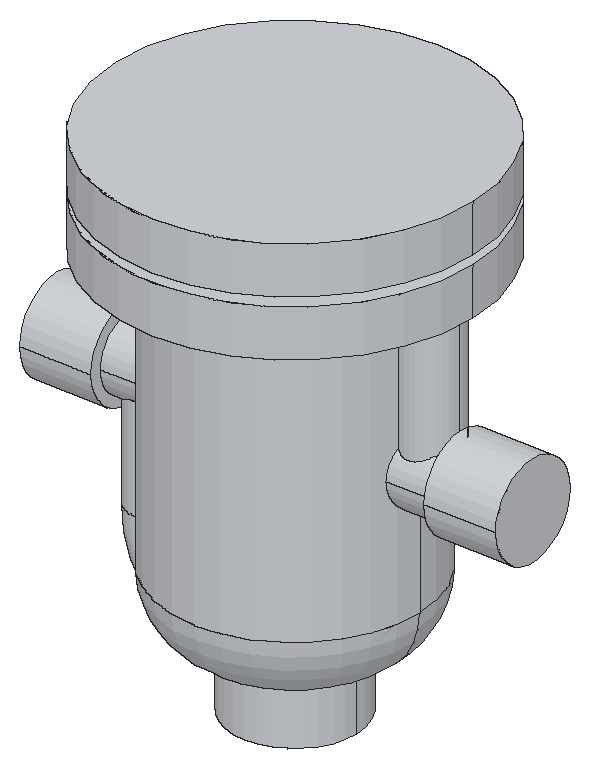
Revit family "9eeb530bc22a476eab69eed14067817e", category Pipe Accessories, Revit 2021
Family settings
  Round Connector Dimension = Use Radius
  Part Type = Valve - Breaks Into
  OmniClass Number = 23.65.55.14
  OmniClass Title = Valves for Liquid Services
  Seek Item ID = Steam Trap - Inverted Bucket-0000-USA-ENU
  Work Plane-Based = No
  Always vertical = Yes
  Cut with Voids When Loaded = No
  Shared = No
Parameters (values of type "1.16 GPM")
  Socket Radius = Socket Diameter / 2  # 0' - 0.4875"
  Socket Diameter = Nominal Diameter * 1.3  # 0' - 0.975"
  Radius 6 = Radius 2 - Radius 1  # 0' - 1.0125"
  Radius 5 = Radius 2 * 1.1  # 0' - 1.44375"
  Radius 4 = Radius 2 - 0' 0 1/4" - Radius 1  # 0' - 0.7625"
  Radius 3 = Bucket Diameter / 4  # 0' - 0 21/32"
  Radius 2 = Bucket Diameter / 2  # 0' - 1 5/16"
  Radius 1 = Nominal Radius * 0.8  # 0' - 0.3"
  Pressure Drop [instance] = 7.252 psi
  Overall Length = 0' - 5"
  Overall Height = 0' - 5 7/16"
  Nominal Radius = 3/8"
  Nominal Diameter = Nominal Radius * 2  # 3/4"
  Length 2 = 0.7071 * Bucket Radius  # 0' - 0.92807"
  Length 1 = Bucket Radius - Radius 4  # 0' - 0.55"
  Inverted Bucket Steam Trap Material = none
  Height 1 = (0' 0 1/4" + Radius 1) * 1.1  # 0' - 0.605"
  Default Elevation = 0' - 0"
  Connector Offset = 0' - 2 3/4"
  Bucket Radius = Bucket Diameter / 2  # 0' - 1 5/16"
  Bucket Diameter = Body Diameter * 0.7  # 0' - 2 5/8"
  Body Radius = Body Diameter / 2  # 0' - 1 7/8"
  Body Diameter = 0' - 3 3/4"
Types (8): name | Socket Radius | Socket Diameter | Radius 6 | Radius 5 | Radius 4 | Radius 3 | Radius 2 | Radius 1 | Overall Length | Overall Height | Nominal Radius | Nominal Diameter | Length 2 | Length 1 | Height 1 | Connector Offset | Bucket Radius | Bucket Diameter | Body Radius | Body Diameter
  (no name) | 0' - 0.4875" | 0' - 0.975" | 0' - 1.0125" | 0' - 1.44375" | 0' - 0.7625" | 0' - 0 21/32" | 0' - 1 5/16" | 0' - 0.3" | 0' - 5" | 0' - 5 7/16" | 3/8" | 3/4" | 0' - 0.92807" | 0' - 0.55" | 0' - 0.605" | 0' - 2 3/4" | 0' - 1 5/16" | 0' - 2 5/8" | 0' - 1 7/8" | 0' - 3 3/4"
  1.16 GPM | 0' - 0.4875" | 0' - 0.975" | 0' - 1.0125" | 0' - 1.44375" | 0' - 0.7625" | 0' - 0 21/32" | 0' - 1 5/16" | 0' - 0.3" | 0' - 5" | 0' - 5 7/16" | 3/8" | 3/4" | 0' - 0.92807" | 0' - 0.55" | 0' - 0.605" | 0' - 2 3/4" | 0' - 1 5/16" | 0' - 2 5/8" | 0' - 1 7/8" | 0' - 3 3/4"
  1.76 GPM | 0' - 0.65" | 0' - 1.3" | 0' - 0.9125" | 0' - 1.44375" | 0' - 0.6625" | 0' - 0 21/32" | 0' - 1 5/16" | 0' - 0.4" | 0' - 5" | 0' - 6 7/8" | 1/2" | 1" | 0' - 0.92807" | 0' - 0.65" | 0' - 0.715" | 0' - 4 1/4" | 0' - 1 5/16" | 0' - 2 5/8" | 0' - 1 7/8" | 0' - 3 3/4"
  3.66 GPM | 0' - 0.4875" | 0' - 0.975" | 0' - 1.66875" | 0' - 2.16563" | 0' - 1.41875" | 0' - 0 63/64" | 0' - 1 31/32" | 0' - 0.3" | 0' - 6 1/2" | 0' - 9 1/16" | 3/8" | 3/4" | 0' - 1.3921" | 0' - 0.55" | 0' - 0.605" | 0' - 5 3/8" | 0' - 1 31/32" | 0' - 3 15/16" | 0' - 2 13/16" | 0' - 5 5/8"
  7.32 GPM | 0' - 0.65" | 0' - 1.3" | 0' - 2.05" | 0' - 2.695" | 0' - 1.8" | 0' - 1.225" | 0' - 2.45" | 0' - 0.4" | 0' - 7 3/4" | 0' - 11 3/4" | 1/2" | 1" | 0' - 1.73239" | 0' - 0.65" | 0' - 0.715" | 0' - 7 1/32" | 0' - 2.45" | 0' - 4.9" | 0' - 3 1/2" | 0' - 7"
  11.64 GPM | 0' - 0 13/16" | 0' - 1 5/8" | 0' - 2.3" | 0' - 3.08" | 0' - 2.05" | 0' - 1.4" | 0' - 2.8" | 0' - 0 1/2" | 0' - 9" | 1' - 1 5/8" | 5/8" | 1 1/4" | 0' - 1.97988" | 0' - 0 3/4" | 0' - 0.825" | 0' - 7 13/16" | 0' - 2.8" | 0' - 5.6" | 0' - 4" | 0' - 8"
  16.63 GPM | 0' - 1.3" | 0' - 2.6" | 0' - 2.35" | 0' - 3.465" | 0' - 2.1" | 0' - 1.575" | 0' - 3.15" | 0' - 0.8" | 0' - 10 1/4" | 1' - 4 1/4" | 1" | 2" | 0' - 2.22736" | 0' - 1.05" | 0' - 1.155" | 0' - 8 1/16" | 0' - 3.15" | 0' - 6.3" | 0' - 4 1/2" | 0' - 9"
  33.26 GPM | 0' - 1 5/8" | 0' - 3 1/4" | 0' - 3.025" | 0' - 4.4275" | 0' - 2.775" | 0' - 2.0125" | 0' - 4.025" | 0' - 1" | 1' - 1" | 1' - 9 5/16" | 1 1/4" | 2 1/2" | 0' - 2.84608" | 0' - 1 1/4" | 0' - 1 3/8" | 0' - 11" | 0' - 4.025" | 0' - 8.05" | 0' - 5 3/4" | 0' - 11 1/2"
Reference planes (in)
  plane 1 "Center (Front/Back)": y = 0
  plane 2: z = 0
  plane 3 "Center (Left/Right)": x = 0
  plane 4: z = -2.75
  plane 5: z = -2.145
  plane 6: z = -1.3825
  plane 7: z = 2.6875
  plane 8: z = 2.1875
  plane 9: z = 2.09375
  plane 10: z = 1.59375
  plane 11: x = -1.3125
  plane 12: x = 1.3125
  plane 13: x = 0.55
  plane 14: z = -1.30625
  plane 15: x = -1.4375
  plane 16: x = -0.425
  plane 17: x = -2.5
  plane 18: x = 2.5
  plane 19: x = -1.75
  plane 20: x = 1.75
  plane 21: x = 1.4375
  plane 22: x = -0.92807
  plane 23: x = 0.92807
Forms (in)
  Extrusion 1, solid, material <- "Inverted Bucket Steam Trap Material", detail levels fine
    sketch origin (0, 0, 0) x (1, 0, 0) y (0, 1, 0)
      loop
        circle (0, 0) r 1.3125
    from -1.3825 to 1.59375
  Revolve 2, solid, material <- "Inverted Bucket Steam Trap Material", detail levels fine
    sketch origin (0, 0, 0) x (1, 0, 0) y (0, 0, 1)
      loop
        line (0, -2.145) -> (0.55, -2.145)
        arc (0.55, -2.145) -> (1.08917, -1.92167) -> (1.3125, -1.3825) r 0.7625
        line (1.3125, -1.3825) -> (0, -1.3825) -> (0, -2.145)
      axis (0, -2.145) -> (0, -1.3825)
    angle from 0 to 360
  Extrusion 3, solid, material <- "Inverted Bucket Steam Trap Material", detail levels fine
    sketch origin (0, 0, 0) x (1, 0, 0) y (0, 1, 0)
      loop
        circle (0, 0) r 0.65625
    from -2.75 to -1.3825
  Sweep 4, solid, material <- "Inverted Bucket Steam Trap Material", detail levels fine
    path in 3D
      loop
        arc (-1.4375, 0, -1.30625) -> (-1.14095, 0, -2.0222) -> (-0.425, 0, -2.31875) r 1.0125
    profile origin (-1.14095, 0, -2.0222) x (0.707107, 0, 0.707107) y (0, -1, 0)
      loop
        circle (0, 0) r 0.3
  Extrusion 5, solid, material <- "Inverted Bucket Steam Trap Material", detail levels fine
    sketch origin (0, 0, 0) x (1, 0, 0) y (0, 1, 0)
      loop
        circle (-1.4375, 0) r 0.3
    from -1.30625 to 0
  Extrusion 6, solid, material <- "Inverted Bucket Steam Trap Material", detail levels fine
    sketch origin (0, 0, 0) x (0, 1, 0) y (0, 0, 1)
      loop
        circle (0, 0) r 0.375
    from -1.75 to 1.75
  Extrusion 7, solid, material <- "Inverted Bucket Steam Trap Material", detail levels fine
    sketch origin (0, 0, 0) x (0, 1, 0) y (0, 0, 1)
      loop
        circle (0, 0) r 0.4875
    from 1.75 to 2.5
  Extrusion 8, solid, material <- "Inverted Bucket Steam Trap Material", detail levels fine
    sketch origin (0, 0, 0) x (0, 1, 0) y (0, 0, 1)
      loop
        circle (0, 0) r 0.4875
    from -2.5 to -1.75
  Extrusion 9, solid, material <- "Inverted Bucket Steam Trap Material", detail levels fine
    sketch origin (0, 0, 0) x (1, 0, 0) y (0, 1, 0)
      loop
        circle (0, 0) r 1.875
    from 2.1875 to 2.6875
  Extrusion 10, solid, material <- "Inverted Bucket Steam Trap Material", detail levels fine
    sketch origin (0, 0, 0) x (1, 0, 0) y (0, 1, 0)
      loop
        circle (0, 0) r 1.875
    from 2.09375 to 1.59375
  Extrusion 11, solid, material <- "Inverted Bucket Steam Trap Material", detail levels fine
    sketch origin (0, 0, 0) x (1, 0, 0) y (0, 1, 0)
      loop
        circle (1.4375, 0) r 0.3
    from 0 to 1.59375
Cuts and joins
  joined: Extrusion 1, Revolve 2, Extrusion 3, Sweep 4, Extrusion 5, Extrusion 6, Extrusion 7, Extrusion 8, Extrusion 9, Extrusion 10, Extrusion 11
Lines and regions (in)
  reference lines
    curve 1: arc (-1.4375, 0, -1.30625) -> (-1.14095, 0, -2.0222) -> (-0.425, 0, -2.31875) r 1.0125
  sketch lines
    curve 2: arc (-1.4375, 0, -1.30625) -> (-1.14095, 0, -2.0222) -> (-0.425, 0, -2.31875) r 1.0125
  model lines, detail levels coarse+medium
    curve 3: line (1.3125, 0, 0) -> (3.3125, 0, 0)
    curve 4: line (-3.3125, 0, 0) -> (-1.3125, 0, 0)
    curve 6: line (0, 0, 0) -> (0.92808, 0.92808, 0)
    curve 7: line (0, 0, 0) -> (-0.92808, -0.92808, 0)
    curve 8: line (0, 0, 0) -> (-0.92808, 0.92808, 0)
    curve 9: line (0, 0, 0) -> (0.92808, -0.92808, 0)
  model lines
    curve 5: circle (0, 0, 0) r 1.3125 normal (0, 0, 1)
Dimensions and locks (in)
  "Connector Offset": plane 2 to plane 4
  "Height 1": plane 5 to plane 4
  "Radius 4": plane 6 to plane 5
  "Overall Height": plane 7 to plane 4
  locked: plane 7 to plane 8 at 0.5
  locked: plane 8 to plane 9 at 0.09375
  locked: plane 9 to plane 10 at 0.5
  "Bucket Radius": plane 3 "Center (Left/Right)" to plane 11
  "Bucket Radius": plane 12 to plane 3 "Center (Left/Right)"
  "Length 1": plane 13 to plane 3 "Center (Left/Right)"
  "Radius 5": plane 14 to plane 4
  locked: plane 11 to plane 15 at 0.125
  "Radius 6": plane 16 to plane 15
  equal spacing: plane 18, plane 3 "Center (Left/Right)", plane 17
  "Overall Length": plane 18 to plane 17
  locked: plane 19 to plane 17 at 0.75
  locked: plane 18 to plane 20 at 0.75
  locked: plane 21 to plane 12 at 0.125
  "Length 2": plane 22 to plane 3 "Center (Left/Right)"
  "Length 2": plane 3 "Center (Left/Right)" to plane 23
  "Bucket Radius": radius of Extrusion 1 sketch curve
  "Radius 4": radius of Revolve 2 sketch curve
  "Radius 3": radius of Extrusion 3 sketch curve
  "Radius 6": radius of curve 1
  "Radius 1": radius of Sweep 4 sketch curve
  "Radius 1": radius of Extrusion 5 sketch curve
  "Nominal Radius": radius of Extrusion 6 sketch curve
  "Socket Radius": radius of Extrusion 7 sketch curve
  "Socket Radius": radius of Extrusion 8 sketch curve
  "Body Radius": radius of Extrusion 9 sketch curve
  "Body Radius": radius of Extrusion 10 sketch curve
  "Radius 1": radius of Extrusion 11 sketch curve
  "Bucket Radius": radius of curve 5
  locked: plane 1 "Center (Front/Back)" to curve 6 (angle 45.00°)
  locked: curve 8 to plane 1 "Center (Front/Back)" (angle 45.00°)
  aligned and locked: plane 1 "Center (Front/Back)" to Extrusion 1 sketch curve
  aligned and locked: plane 3 "Center (Left/Right)" to Extrusion 1 sketch curve
  aligned and locked: Extrusion 1 to plane 6
  aligned and locked: plane 10 to Extrusion 1
  aligned and locked: plane 13 to Revolve 2 sketch curve  (x2)
  aligned and locked: plane 3 "Center (Left/Right)" to Revolve 2 sketch curve  (x3)
  aligned and locked: Revolve 2 sketch curve to plane 6
  aligned and locked: plane 5 to Revolve 2 sketch curve
  aligned and locked: plane 6 to Revolve 2 sketch curve
  aligned and locked: plane 1 "Center (Front/Back)" to Extrusion 3 sketch curve
  aligned and locked: plane 3 "Center (Left/Right)" to Extrusion 3 sketch curve
  aligned and locked: Extrusion 3 to plane 4
  aligned and locked: plane 6 to Extrusion 3
  aligned and locked: plane 14 to curve 1
  aligned and locked: plane 16 to curve 1
  aligned and locked: plane 1 "Center (Front/Back)" to Sweep 4 sketch curve
  aligned and locked: plane 1 "Center (Front/Back)" to Extrusion 5 sketch curve
  aligned and locked: plane 15 to Extrusion 5 sketch curve
  aligned and locked: Extrusion 5 to cut or joined group 1 (Extrusion 1, Revolve 2, Extrusion 3, Sweep 4, Extrusion 5, Extrusion 6, Extrusion 7, Extrusion 8, Extrusion 9, Extrusion 10, Extrusion 11)
  aligned and locked: plane 2 to Extrusion 5
  aligned and locked: plane 2 to Extrusion 6 sketch curve
  aligned and locked: plane 1 "Center (Front/Back)" to Extrusion 6 sketch curve
  aligned and locked: Extrusion 6 to plane 19
  aligned and locked: plane 20 to Extrusion 6
  aligned and locked: plane 2 to Extrusion 7 sketch curve
  aligned and locked: plane 1 "Center (Front/Back)" to Extrusion 7 sketch curve
  aligned and locked: Extrusion 7 to cut or joined group 1
  aligned and locked: plane 18 to Extrusion 7
  aligned and locked: plane 2 to Extrusion 8 sketch curve
  aligned and locked: plane 1 "Center (Front/Back)" to Extrusion 8 sketch curve
  aligned and locked: Extrusion 8 to plane 17
  aligned and locked: Extrusion 8 to cut or joined group 1
  aligned and locked: plane 1 "Center (Front/Back)" to Extrusion 9 sketch curve
  aligned and locked: plane 3 "Center (Left/Right)" to Extrusion 9 sketch curve
  aligned and locked: Extrusion 9 to plane 8
  aligned and locked: plane 7 to Extrusion 9
  aligned and locked: Extrusion 10 to plane 9
  aligned and locked: Extrusion 10 to plane 10
  aligned and locked: plane 1 "Center (Front/Back)" to Extrusion 11 sketch curve
  aligned and locked: plane 21 to Extrusion 11 sketch curve
  aligned and locked: Extrusion 11 to level
  aligned and locked: plane 10 to Extrusion 11
  aligned and locked: plane 1 "Center (Front/Back)" to curve 3
  aligned and locked: plane 11 to curve 4
  aligned and locked: plane 1 "Center (Front/Back)" to curve 4
Automatic sketch dimensions
  Sweep 4 sketch curve to profile plane = 0' - 0"
  Extrusion 10 sketch curve to plane 1 "Center (Front/Back)" = 0' - 0"
  Extrusion 10 sketch curve to plane 3 "Center (Left/Right)" = 0' - 0"
  curve 6 to plane 1 "Center (Front/Back)" = 0' - 0"
  curve 6 to plane 3 "Center (Left/Right)" = 0' - 0"
  curve 5 to plane 1 "Center (Front/Back)" = 0' - 0"
  curve 4 to plane 17 = 0' - 0 13/16"
  plane 18 to curve 3 = 0' - 0 13/16"
  Revolve 2 sketch curve to level = 0' - 0 1/4"
  level to Revolve 2 sketch curve = 0' - 0 1/2"
Connectors (in)
  piping at (-2.5, 0, 0), diameter 0.75, driven by "Nominal Radius"
    settings: on cut or joined group 1, index 1, connector inside diameter 3/4", connector length 0' - 0", flow factor 0, pipe flow 0 GPM, pressure drop 0.00 psi, fitting loss kfactor 0, connector angle 0.00°, fixture units 0, engagement length 0' - 0", angle of deflection 0.00°, flow configuration 0, flow direction 1, fitting loss method 4, system type 22, joint type 0, gender type 0, connector reference index 2, connector utility 0, adjustable connector no, is connector primary yes, connector description "Condensate In"
  piping at (2.5, 0, 0), diameter 0.75, driven by "Nominal Radius", driven by "Pressure Drop"
    settings: on cut or joined group 1, index 2, connector inside diameter 3/4", connector length 0' - 0", flow factor 0, pipe flow 0 GPM, pressure drop 7.252 psi, fitting loss kfactor 0, connector angle 0.00°, fixture units 0, engagement length 0' - 0", angle of deflection 0.00°, flow configuration 0, flow direction 2, fitting loss method 4, system type 22, joint type 0, gender type 0, connector reference index 1, connector utility 0, adjustable connector no, is connector primary no, connector description "Condensate Out"
